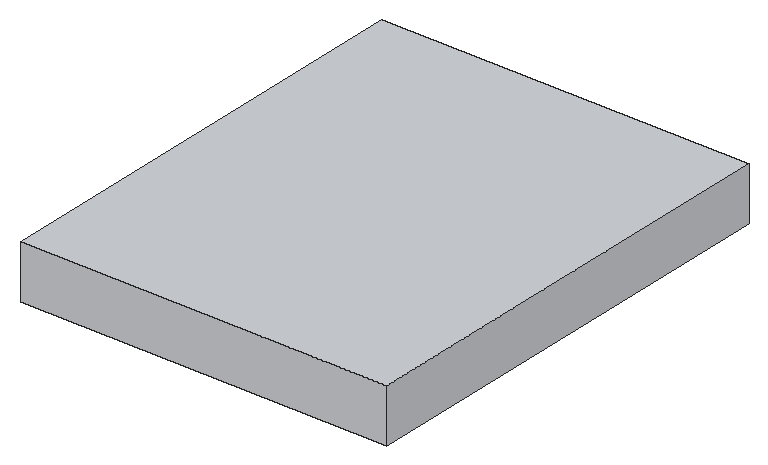
Revit family "矩形顿", category 常规模型, Revit 2022
Family settings
  可将钢筋附着到主体 = 否
  圆形连接件大小 = 使用直径
  零件类型 = 标准
  基于工作平面 = 否
  总是垂直 = 是
  加载时剪切的空心 = 否
  保持注释方向 = 否
  共享 = 否
  房间计算点 = 否
Parameters
  默认高程 = 0 mm
  高 = 250 mm
  长 = 2100 mm
  宽 = 1700 mm
Reference planes
  plane 1 "中心(前/后)": y = 0
  plane 2: z = 0
  plane 3 "中心(左/右)": x = 0
Forms (mm)
  Extrusion 1, solid
    sketch origin (0, 0, 0) x (1, 0, 0) y (0, 1, 0)
      loop
        line (-2037.568, 1033.645) -> (-2037.568, -1066.355) -> (-337.568, -1066.355) -> (-337.568, 1033.645) -> (-2037.568, 1033.645)
    from 0 to 250 <- "高"
Dimensions and locks
  "长": Extrusion 1 sketch curve to Extrusion 1 sketch curve
  "宽": Extrusion 1 sketch curve to Extrusion 1 sketch curve
  aligned and locked: level to plane 2
Automatic sketch dimensions
  Extrusion 1 sketch curve to plane 3 "中心(左/右)" = 2037.568 mm
  plane 1 "中心(前/后)" to Extrusion 1 sketch curve = 1066.355 mm
